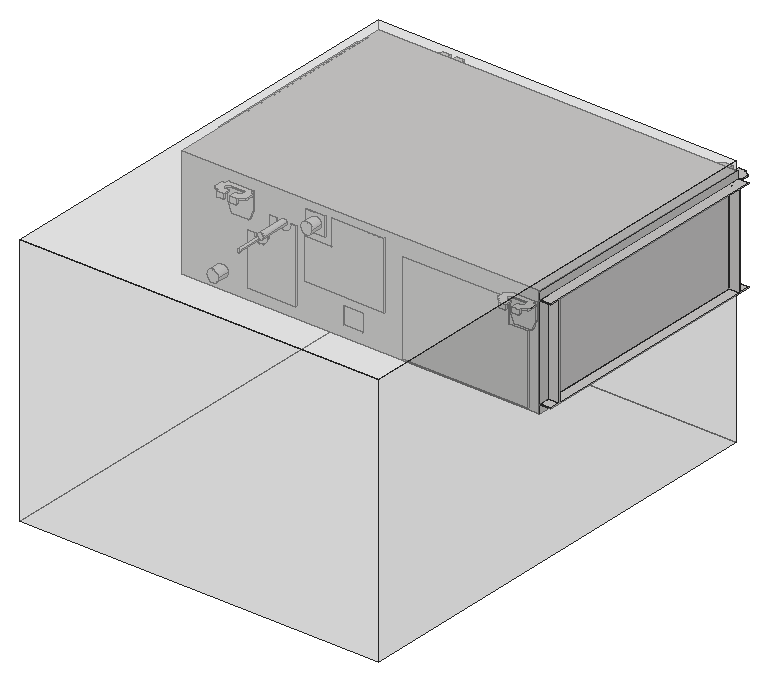
Revit family "outputfile", category 機械設備, Revit 2024
Family settings
  丸型コネクタ寸法 = 半径を使用
  パーツ タイプ = 標準
  OmniClass 番号 = 23.75.10.24.21.27.27
  OmniClass タイトル = Split System Air Conditioning Units
  作業面ベース = いいえ
  常に垂直 = はい
  ロード時にボイドで切り取り = いいえ
  注釈の向きを維持 = いいえ
  共有 = いいえ
  部屋計算ポイント = はい
Parameters (values of type "FXSA25AVMS")
  製造元 = "Daikin"
  書き出し IFC クラス(タイプ) = "IfcUnitaryEquipmentType"
  定義済み IFC タイプ(タイプ) = "AIRCONDITIONINGUNIT"
  モデル = "FXSA25AVMS"
  switch_frequency = yes
  r_Liquid Pipe Size = Liquid Pipe Size / 2  # 3.2 mm
  r_Gas Pipe Size = Gas Pipe Size / 2  # 6.35 mm
  r_Drain Pipe Size = Drain Pipe Size / 2  # 12.5 mm
  lw_power = 770.0 mm
  lh_SA = 138.0 mm
  lw_SA = if(Width = 550.0 mm, 225.0 mm, if(Width = 700.0 mm, 300.0 mm, if(Width = 1000.0 mm, 450.0 mm, if(Width = 1400.0 mm, 650.0 mm, 725.0 mm))))  # 225.0 mm
  lw_RA = if(Width = 550.0 mm, 275.0 mm, if(Width = 700.0 mm, 349.0 mm, if(Width = 1000.0 mm, 499.0 mm, if(Width = 1400.0 mm, 699.0 mm, 775.0 mm))))  # 275.0 mm
  lh_power = 60.0 mm + [h***]  # 60.0 mm
  lh_mountinghole1 = lh_mountinghole + [h***]  # 222.0 mm
  lh_RA = 123.0 mm
  ld_power = Width / 2  # 275.0 mm
  connector_voltage = Voltage_50Hz  # 220 V
  connector_powerinput = [Power Input (Cooling)]  # 0.058 kW
  connector_phase = Phase_50Hz  # 1
  Voltage_comment_50Hz = "220"
  Voltage_50Hz = 220 V
  Total Heating Capacity [instance] = 0.000 kW
  Supply Air Direction [instance] = yes
  Sound Power Level_H speed (dB) = 61
  Power Input (Heating) = 0.053 kW
  Phase_50Hz = 1
  Nominal Heating Capacity = 3.200 kW
  Minimum External Static Pressure = 30.00 Pa
  Minimum Circuit Amps_50Hz = 0.8 A
  Maximum Fuse Amps_50Hz = 16.0 A
  Maximum External Static Pressure = 150.00 Pa
  Material_Casing = DAIKIN_GalvanizedSteel_Casing_indoorunit
  lw_mountinghole = 630.0 mm
  lh_gaspipe = 183.0 mm + [h***]  # 183.0 mm
  lh_mountinghole = 222.0 mm
  lh_liquidpipe = 136.0 mm + [h***]  # 136.0 mm
  lh_drainpipe = 207.0 mm + [h***]  # 207.0 mm
  lh_antena = Height - lh_mountinghole + 1.0 mm  # 24.0 mm
  ld_drainpipe = Width / 2 + 26.0 mm  # 301.0 mm
  ld_liquidpipe = 339.0 mm
  ld_gaspipe = Width / 2 + 65.0 mm  # 340.0 mm
  ld_mountinghole = Width + 38.0 mm  # 588.0 mm
  h*** = 0.0 mm
  lw_liquidpipe = 179.0 mm
  lw_gaspipe = 229.0 mm
  lw_drainpipe = 300.0 mm
  Width = 550.0 mm
  Version = "ver.1.0"
  Unit Type = "Duct_M.S.P."
  Unit Mass Weight = 25.00 kg
  Unit Designation [instance] = ""
  Uniclass2015Version = "Products v1.30"
  Uniclass2015Title = "Variable refrigerant flow units"
  Uniclass2015Code = "Pr_70_65_03_94"
  Total Cooling Capacity [instance] = 0.000 kW
  Sound Pressure Level_M speed (dBA) = 30
  Sound Pressure Level_L speed (dBA) = 28
  Sound Pressure Level_H speed (dBA) = 33
  Series = "VRV Fan Coil Unit"
  Sensible Cooling Capacity [instance] = 0.000 kW
  SA Duct Size Width = 337.0 mm
  SA Duct Size Height = 176.0 mm
  Refrigerant Type = "R32"
  RA Duct Size Width = 502.0 mm
  RA Duct Size Height = 208.0 mm
  Power Input (Cooling) = 0.058 kW
  Option Accessory 3 [instance] = ""
  Option Accessory 2 [instance] = ""
  Option Accessory 1 [instance] = ""
  Nominal Cooling Capacity = 2.800 kW
  Minimum Airflow = 390.00 m³/h
  Median Airflow = 450.00 m³/h
  Maximum Airflow = 540.00 m³/h
  Load Classification = HVAC
  Liquid Pipe Size = 6.4 mm
  Link_Nested Family [instance] = ""
  IfcVersion = ""
  IfcExportType = "AIRCONDITIONINGUNIT"
  IfcExportAs = "IfcUnitaryEquipmentType"
  Height = 245.0 mm
  Heating Entering Wet Bulb Temperature [instance] = -273.15 °C
  Heating Entering Dry Bulb Temperature [instance] = -273.15 °C
  Heating Ambient Wet Bulb Temperature [instance] = -273.15 °C
  Heating Ambient Dry Bulb Temperature [instance] = -273.15 °C
  Heat Exchanger Type = "Cross Fin Coil"
  Gas Pipe Size = 12.7 mm
  Frequency_50Hz = 50 Hz
  Fan Type = "Sirocco Fan"
  Fan Drive = "Direct Drive"
  FCU Tag No. [instance] = ""
  Drain Pipe Size = 25.0 mm
  Design Supply Airflow [instance] = 0.00 m³/h
  Design Return Airflow [instance] = 0.00 m³/h
  Design External Static Pressure [instance] = 0.00 Pa
  Depth = 800.0 mm
  既定の高さ = 0.0 mm
  Cooling Entering Wet Bulb Temperature [instance] = 0.00 °C
  Cooling Entering Dry Bulb Temperature [instance] = 0.00 °C
  Cooling Ambient Wet Bulb Temperature [instance] = 0.00 °C
  Cooling Ambient Dry Bulb Temperature [instance] = 0.00 °C
  Clearance visibility [instance] = yes
  Clearance Top = 20.0 mm
  Clearance Right = 0.0 mm
  Clearance Rear = 0.0 mm
  Clearance Left = 0.0 mm
  Clearance Front = 450.0 mm
  Clearance Bottom = 300.0 mm
Reference planes
  plane 1 "Center (Front/Back)": y = 0
  plane 2 "h": z = 0
  plane 3 "Center (Left/Right)": x = 0
  plane 4 "Back": y = 275
  plane 5 "Front": y = -275
  plane 6 "Left": x = -400
  plane 7 "Right": x = 400
  plane 8 "Top": z = 0
  plane 9 "Bottom": z = -245
  plane 10: y = -215
  plane 11: y = 275
  plane 12: y = -725
  plane 13: x = -400
  plane 14: x = 400
  plane 15: z = 20
  plane 16: z = -545
  plane 17: x = -400
  plane 18: x = -399
  plane 19: x = 399
  plane 20: y = 50
  plane 21: y = 0
  plane 22: z = -122
  plane 23: y = -276
  plane 24: z = -109
  plane 25: x = -221
  plane 26: y = -340
  plane 27: z = -62
  plane 28: x = -171
  plane 29: y = -301
  plane 30: z = -38
  plane 31: x = -100
  plane 32: x = -100
  plane 33: x = -221
  plane 34: x = -171
  plane 35: x = 370
  plane 36: x = -266
  plane 37: x = 364
  plane 38: y = -294
  plane 39: y = 294
  plane 40: z = -23
  plane 41: z = -107
  plane 42: y = -339
  plane 43: z = -207
  plane 44: x = -309
  plane 45: y = -376
  plane 46: x = -251
  plane 47: x = -203
  plane 48: x = -144
  plane 49: z = -59
  plane 50: z = -106
  plane 51: z = -221
  plane 52: z = -109
  plane 53: x = -221
  plane 54: z = -62
  plane 55: x = -171
  plane 56: z = -17
  plane 57: z = -59
  plane 58: x = -121
  plane 59: x = -79
  plane 60: x = -125
  plane 61: x = -64
  plane 62: x = 53
  plane 63: z = -164
  plane 64: z = -73
  plane 65: z = -16
  plane 66: x = 93.5
  plane 67: x = 374.5
  plane 68: x = 330
  plane 69: z = -88.5
  plane 70: z = -38
  plane 71: z = -242.5
  plane 72: x = -38.5
  plane 73: x = 6.5
  plane 74: z = -181
  plane 75: z = -221
  plane 76: y = -274
  plane 77: x = -424
  plane 78: x = 424
Forms (mm)
  Extrusion 1, solid, material "DAIKIN_GalvanizedSteel_Casing_indoorunit" <- "Material_Casing"
    sketch origin (0, 0, 0) x (1, 0, 0) y (0, 1, 0)
      loop
        line (-399, 275) -> (-399, -275) -> (399, -275) -> (399, 275) -> (-399, 275)
    from -245 to 0
  Extrusion 2, solid, material "DAIKIN_GalvanizedSteel_Casing_indoorunit" <- "Material_Casing"
    sketch origin (0, 0, 0) x (1, 0, 0) y (0, 0, 1)
      loop
        line (-251, -221) -> (-144, -221) -> (-144, -59) -> (-154.47, -59)
        arc (-154.47, -59) -> (-171, -78.8) -> (-187.53, -59) r 16.8
        line (-187.53, -59) -> (-203, -59) -> (-203, -106) -> (-206.916, -106)
        arc (-206.916, -106) -> (-221, -123.4) -> (-235.084, -106) r 14.4
        line (-235.084, -106) -> (-251, -106) -> (-251, -221)
    from 275 to 276
  Extrusion 3, solid, material "DAIKIN_GalvanizedSteel_Casing_indoorunit" <- "Material_Casing"
    sketch origin (0, 0, 0) x (1, 0, 0) y (0, 0, 1)
      loop
        line (-121, -17) -> (-121, -59) -> (-79, -59) -> (-79, -17) -> (-121, -17)
      loop
        line (-125, -73) -> (-125, -164) -> (53, -164) -> (53, -16) -> (-64, -16) -> (-64, -73) -> (-125, -73)
    from 275 to 276
  Extrusion 4, solid, material "DAIKIN_GalvanizedSteel_Casing_indoorunit" <- "Material_Casing"
    sketch origin (0, 0, 0) x (1, 0, 0) y (0, 0, 1)
      loop
        line (93.5, -38) -> (93.5, -242.5) -> (374.5, -242.5) -> (374.5, -88.5) -> (330, -88.5) -> (330, -38) -> (93.5, -38)
    from 275 to 276
  Extrusion 5, solid, material "DAIKIN_GalvanizedSteel_Casing_indoorunit" <- "Material_Casing"
    sketch origin (0, 0, 0) x (1, 0, 0) y (0, 0, 1)
      loop
        circle (-221, -109) r 3.2
    from 275 to 339
  Extrusion 6, solid, material "DAIKIN_GalvanizedSteel_Casing_indoorunit" <- "Material_Casing"
    sketch origin (0, 0, 0) x (1, 0, 0) y (0, 0, 1)
      loop
        circle (-171, -62) r 6.35
    from 275 to 340
  Extrusion 7, solid, material "DAIKIN_GalvanizedSteel_Casing_indoorunit" <- "Material_Casing"
    sketch origin (0, 0, 0) x (1, 0, 0) y (0, 0, 1)
      loop
        circle (-100, -38) r 12.5
    from 276 to 301
  Extrusion 8, solid, material "DAIKIN_GalvanizedSteel_Casing_indoorunit" <- "Material_Casing"
    sketch origin (0, 0, 0) x (1, 0, 0) y (0, 0, 1)
      loop
        circle (-309, -207) r 13
    from 275 to 301
  Extrusion 9, void
    sketch origin (0, 0, 0) x (1, 0, 0) y (0, 0, 1)
      loop
        line (-38.5, -181) -> (-38.5, -221) -> (6.5, -221) -> (6.5, -181) -> (-38.5, -181)
    from 274 to 275
Cuts and joins
  Extrusion 9 cuts Extrusion 1
Dimensions and locks
  "Height": plane 8 "Top" to plane 9 "Bottom"
  equal spacing: plane 4 "Back", plane 1 "Center (Front/Back)", plane 5 "Front"
  "Width": plane 4 "Back" to plane 5 "Front"
  equal spacing: plane 6 "Left", plane 3 "Center (Left/Right)", plane 7 "Right"
  "Depth": plane 6 "Left" to plane 7 "Right"
  "Clearance Left": plane 13 to plane 6 "Left"
  "Clearance Right": plane 7 "Right" to plane 14
  "Clearance Rear": plane 11 to plane 4 "Back"
  "Clearance Front": plane 5 "Front" to plane 12
  "Clearance Top": plane 15 to plane 8 "Top"
  "Clearance Bottom": plane 9 "Bottom" to plane 16
  locked: plane 17 to plane 18 at 1
  locked: plane 19 to plane 14 at 1
  "lw_SA": plane 11 to plane 20
  "lw_RA": plane 21 to plane 5 "Front"
  "lh_RA": plane 22 to plane 9 "Bottom"
  locked: plane 5 "Front" to plane 23 at 1
  "lw_liquidpipe": plane 25 to plane 6 "Left"
  "lh_liquidpipe": plane 24 to plane 9 "Bottom"
  "lh_gaspipe": plane 27 to plane 9 "Bottom"
  "lw_gaspipe": plane 28 to plane 6 "Left"
  "ld_gaspipe": plane 26 to plane 1 "Center (Front/Back)"
  "ld_drainpipe": plane 29 to plane 1 "Center (Front/Back)"
  "lh_drainpipe": plane 30 to plane 9 "Bottom"
  "lw_drainpipe": plane 31 to plane 6 "Left"
  "lw_drainpipe": plane 6 "Left" to plane 32
  "lw_liquidpipe": plane 6 "Left" to plane 33
  "lw_gaspipe": plane 6 "Left" to plane 34
  "lw_power": plane 6 "Left" to plane 35
  locked: plane 17 to plane 36 at 134
  "lw_mountinghole": plane 36 to plane 37
  equal spacing: plane 38, plane 1 "Center (Front/Back)", plane 39
  "ld_mountinghole": plane 39 to plane 38
  "lh_mountinghole": plane 40 to plane 9 "Bottom"
  "lh_SA": plane 41 to plane 9 "Bottom"
  locked: plane 44 to plane 6 "Left" at 91
  locked: plane 43 to plane 9 "Bottom" at 38
  plane 48 to plane 47 to plane 46 to plane 6 "Left" = 59.0 mm, 48.0 mm, 149.0 mm
  plane 8 "Top" to plane 49 to plane 50 to plane 51 = 59.0 mm locked, 47.0 mm locked, 115.0 mm locked
  plane 55 to plane 53 to plane 6 "Left" = 50.0 mm locked, 179.0 mm locked
  plane 54 to plane 52 to plane 9 "Bottom" = 47.0 mm locked, 136.0 mm locked
  plane 59 to plane 58 to plane 6 "Left" = 42.0 mm locked, 279.0 mm locked
  plane 8 "Top" to plane 56 to plane 57 = 17.0 mm locked, 42.0 mm locked
  plane 62 to plane 61 to plane 60 to plane 6 "Left" = 117.0 mm, 61.0 mm, 275.0 mm
  plane 8 "Top" to plane 65 to plane 64 = 16.0 mm locked, 57.0 mm locked
  locked: plane 65 to plane 63 at 148
  plane 8 "Top" to plane 70 to plane 69 to plane 71 = 38.0 mm locked, 50.5 mm locked, 154.0 mm locked
  plane 67 to plane 68 to plane 66 to plane 6 "Left" = 44.5 mm locked, 236.5 mm locked, 493.5 mm locked
  plane 8 "Top" to plane 74 to plane 75 = 181.0 mm locked, 40.0 mm locked
  plane 73 to plane 72 to plane 6 "Left" = 45.0 mm, 361.5 mm
  locked: plane 76 to plane 5 "Front" at 1
  locked: plane 77 to plane 17 at 24
  locked: plane 14 to plane 78 at 24
  "ld_liquidpipe": plane 42 to plane 1 "Center (Front/Back)"
  "r_Liquid Pipe Size": radius of Extrusion 5 sketch curve
  "r_Gas Pipe Size": radius of Extrusion 6 sketch curve
  "r_Drain Pipe Size": radius of Extrusion 7 sketch curve
  aligned and locked: level to plane 2 "h"
  aligned and locked: plane 8 "Top" to Extrusion 1
  aligned and locked: Extrusion 1 to plane 9 "Bottom"
  aligned and locked: nested 5 to plane 12
  aligned and locked: plane 13 to nested 5
  aligned and locked: plane 14 to nested 5
  aligned and locked: nested 5 to plane 13
  aligned and locked: plane 11 to nested 5
  aligned and locked: plane 15 to nested 5
  aligned and locked: plane 16 to nested 5
  aligned and locked: plane 5 "Front" to Extrusion 1 sketch curve
  aligned and locked: Extrusion 1 to plane 18
  aligned and locked: plane 19 to Extrusion 1
  aligned and locked: nested 7 to plane 18
  aligned and locked: nested 7 to plane 20
  aligned and locked: plane 19 to nested 8
  aligned and locked: plane 21 to nested 8
  aligned and locked: plane 22 to nested 8
  aligned and locked: Extrusion 2 to plane 23
  aligned and locked: plane 5 "Front" to Extrusion 2
  aligned and locked: Extrusion 3 to plane 23
  aligned and locked: plane 5 "Front" to Extrusion 3
  aligned and locked: plane 5 "Front" to Extrusion 4
  aligned and locked: Extrusion 5 sketch curve to plane 25
  aligned and locked: plane 24 to Extrusion 5 sketch curve
  aligned and locked: plane 5 "Front" to Extrusion 5
  aligned and locked: Extrusion 6 sketch curve to plane 28
  aligned and locked: plane 27 to Extrusion 6 sketch curve
  aligned and locked: plane 5 "Front" to Extrusion 6
  aligned and locked: Extrusion 7 sketch curve to plane 31
  aligned and locked: Extrusion 7 sketch curve to plane 30
  aligned and locked: Extrusion 7 to plane 29
  aligned and locked: plane 23 to Extrusion 7
  aligned and locked: nested 3 to plane 29
  aligned and locked: plane 32 to nested 3
  aligned and locked: nested 2 to plane 33
  aligned and locked: nested 1 to plane 34
  aligned and locked: Extrusion 6 to plane 26
  aligned and locked: nested 1 to plane 26
  aligned and locked: nested 6 to plane 5 "Front"
  aligned and locked: plane 35 to nested 6
  aligned and locked: plane 36 to nested 10
  aligned and locked: nested 10 to plane 5 "Front"
  aligned and locked: plane 37 to nested 9
  aligned and locked: nested 9 to plane 5 "Front"
  aligned and locked: nested 11 to plane 36
  aligned and locked: plane 4 "Back" to nested 11
  aligned and locked: nested 12 to plane 37
  aligned and locked: plane 4 "Back" to nested 12
  aligned and locked: plane 40 to nested 10
  aligned and locked: plane 40 to nested 11
  aligned and locked: plane 40 to nested 9
  aligned and locked: plane 40 to nested 12
  aligned and locked: plane 36 to nested 14
  aligned and locked: nested 14 to plane 39
  aligned and locked: plane 37 to nested 13
  aligned and locked: nested 13 to plane 39
  aligned and locked: plane 37 to nested 16
  aligned and locked: plane 38 to nested 16
  aligned and locked: plane 38 to nested 15
  aligned and locked: plane 36 to nested 15
  aligned and locked: plane 17 to plane 6 "Left"
  aligned and locked: plane 41 to nested 7
  aligned and locked: Extrusion 5 to plane 42
  aligned and locked: nested 2 to plane 42
  aligned and locked: Extrusion 8 sketch curve to plane 44
  aligned and locked: plane 43 to Extrusion 8 sketch curve
  aligned and locked: plane 5 "Front" to Extrusion 8
  aligned and locked: Extrusion 3 sketch curve to plane 56
  aligned and locked: Extrusion 3 sketch curve to plane 58
  aligned and locked: plane 57 to Extrusion 3 sketch curve
  aligned and locked: plane 59 to Extrusion 3 sketch curve
  aligned and locked: Extrusion 4 to plane 23
  aligned and locked: Extrusion 9 sketch curve to plane 74
  aligned and locked: plane 75 to Extrusion 9 sketch curve
  aligned and locked: plane 73 to Extrusion 9 sketch curve
  aligned and locked: plane 5 "Front" to Extrusion 9
  aligned and locked: plane 76 to Extrusion 9
  aligned and locked: nested 17 to plane 20
  aligned and locked: nested 17 to plane 77
  aligned and locked: plane 21 to nested 18
  aligned and locked: plane 78 to nested 18
  aligned and locked: plane 41 to nested 17
  aligned and locked: nested 18 to plane 22
  aligned and locked: nested 4 to plane 3 "Center (Left/Right)"
  aligned and locked: plane 1 "Center (Front/Back)" to nested 4
  aligned and locked: level to plane 8 "Top"
  aligned and locked: Extrusion 8 to plane 29
Automatic sketch dimensions
  plane 6 "Left" to Extrusion 1 sketch curve = 1.0 mm
  Extrusion 1 sketch curve to plane 7 "Right" = 1.0 mm
  Extrusion 1 sketch curve to plane 4 "Back" = 0.0 mm
  Extrusion 2 sketch curve to plane 46 = 0.0 mm
  Extrusion 2 sketch curve to plane 33 = 0.0 mm
  Extrusion 2 sketch curve to plane 47 = 0.0 mm
  Extrusion 2 sketch curve to plane 34 = 0.0 mm
  Extrusion 2 sketch curve to plane 48 = 0.0 mm
  Extrusion 2 sketch curve to plane 51 = 0.0 mm
  Extrusion 2 sketch curve to plane 52 = 0.0 mm
  Extrusion 2 sketch curve to plane 50 = 0.0 mm  (x3)
  Extrusion 2 sketch curve to plane 54 = 0.0 mm
  Extrusion 2 sketch curve to plane 49 = 0.0 mm  (x3)
  plane 33 to Extrusion 2 sketch curve = 14.084 mm
  plane 34 to Extrusion 2 sketch curve = 16.53 mm
  Extrusion 3 sketch curve to plane 60 = 0.0 mm
  Extrusion 3 sketch curve to plane 61 = 0.0 mm
  Extrusion 3 sketch curve to plane 62 = 0.0 mm
  Extrusion 3 sketch curve to plane 63 = 0.0 mm
  Extrusion 3 sketch curve to plane 64 = 0.0 mm
  Extrusion 3 sketch curve to plane 65 = 0.0 mm
  Extrusion 4 sketch curve to plane 66 = 0.0 mm
  Extrusion 4 sketch curve to plane 68 = 0.0 mm
  Extrusion 4 sketch curve to plane 67 = 0.0 mm
  Extrusion 4 sketch curve to plane 71 = 0.0 mm
  Extrusion 4 sketch curve to plane 69 = 0.0 mm
  Extrusion 4 sketch curve to plane 70 = 0.0 mm
  Extrusion 9 sketch curve to plane 72 = 0.0 mm
  radius of Extrusion 8 sketch curve = 13.0 mm
Nested families
  nested 1: "daikin_connector_rotate2" at (-171, 0, -62), length <- "ld_gaspipe", built-in parameter 1001364 <- "lh_gaspipe", radius <- "r_Gas Pipe Size", type "daikin_connector_rotate2"
    with radius 6.35 mm, length 340.0 mm, angle_vertical 90.00°
  nested 2: "daikin_connector_rotate2" at (-221, 0, -109), length <- "ld_liquidpipe", built-in parameter 1001364 <- "lh_liquidpipe", radius <- "r_Liquid Pipe Size", type "daikin_connector_rotate2"
    with radius 3.2 mm, length 339.0 mm, angle_vertical 90.00°
  nested 3: "daikin_connector_rotate2" at (-100, 0, -38), length <- "ld_drainpipe", built-in parameter 1001364 <- "lh_drainpipe", radius <- "r_Drain Pipe Size", type "daikin_connector_rotate2"
    with radius 12.5 mm, length 301.0 mm, angle_vertical 90.00°
  nested 4: "daikin_△_symbolicline" at (0, 0, 245) x (0, -1, 0) z (0, 0, 1), built-in parameter 1001364 <- "Height", visible <- "Supply Air Direction", type "daikin_△_symbolicline"
    with length 200.0 mm
  nested 5: "daikin_clearancespace" at (0, -225, -262.381), visible <- "Clearance visibility", show <- "Clearance visibility", Link_Nested Family <- "Link_Nested Family", type "daikin_clearancespace"
    with width 800.0 mm, show yes, height 565.0 mm, depth 1000.0 mm, Link_Nested Family ""
  nested 6: "daikin_connector_rotate2" at (370, 0, -185), built-in parameter 1001364 <- "lh_power", length <- "ld_power", type "daikin_connector_rotate2"
    with radius 10.0 mm, length 275.0 mm, angle_vertical 90.00°
  nested 7: "daikin_ductflange_FXSA-AVMS2" at (-399, 50, -107) x (0, -1, 0) z (0, 0, 1), type "daikin_ductflange_FXSA-AVMS2"
    with width 337.0 mm, w1 24.0 mm, w 550.0 mm
  nested 8: "daikin_ductflange_FXSA-AVMS" at (399, 0, -122) x (0, 1, 0) z (0, 0, 1), type "daikin_ductflange_FXSA-AVMS"
    with width 502.0 mm, lw 25.0 mm, w 550.0 mm
  nested 9: "FXFSA-AVM" at (364, -275, -23), type "daikin_hangerfixture_FXFSA-AVM"
  nested 10: "FXFSA-AVM" at (-266, -275, -23), type "daikin_hangerfixture_FXFSA-AVM"
  nested 11: "FXFSA-AVM" at (-266, 275, -23) x (-1, 0, 0) z (0, 0, 1), type "daikin_hangerfixture_FXFSA-AVM"
  nested 12: "FXFSA-AVM" at (364, 275, -23) x (-1, 0, 0) z (0, 0, 1), type "daikin_hangerfixture_FXFSA-AVM"
  nested 13: "daikin_mountinghole" at (364, 294, -245), h_mountinghole <- "lh_mountinghole1", l_antenna <- "lh_antena", Link_Nested Family <- "Link_Nested Family", type "daikin_mountinghole"
    with show yes, l_antenna 24.0 mm, h_mountinghole 222.0 mm, Link_Nested Family ""
  nested 14: "daikin_mountinghole" at (-266, 294, -245), h_mountinghole <- "lh_mountinghole1", l_antenna <- "lh_antena", Link_Nested Family <- "Link_Nested Family", type "daikin_mountinghole"
    with show yes, l_antenna 24.0 mm, h_mountinghole 222.0 mm, Link_Nested Family ""
  nested 15: "daikin_mountinghole" at (-266, -294, -245), h_mountinghole <- "lh_mountinghole1", l_antenna <- "lh_antena", Link_Nested Family <- "Link_Nested Family", type "daikin_mountinghole"
    with show yes, l_antenna 24.0 mm, h_mountinghole 222.0 mm, Link_Nested Family ""
  nested 16: "daikin_mountinghole" at (364, -294, -245), h_mountinghole <- "lh_mountinghole1", l_antenna <- "lh_antena", Link_Nested Family <- "Link_Nested Family", type "daikin_mountinghole"
    with show yes, l_antenna 24.0 mm, h_mountinghole 222.0 mm, Link_Nested Family ""
  nested 17: "daikin_connector_rotate2" at (-400, 50, -107) x (0, -1, 0) z (0, 0, 1), type "daikin_connector_rotate2"
    with radius 10.0 mm, length 24.0 mm, angle_vertical 90.00°
  nested 18: "daikin_connector_rotate2" at (400, 0, -122) x (0, 1, 0) z (0, 0, 1), type "daikin_connector_rotate2"
    with radius 10.0 mm, length 24.0 mm, angle_vertical 90.00°
Connectors
  piping at (-100, -301, -38), diameter 25, driven by "r_Drain Pipe Size"
    settings: on nested 3, index 3, connector inside diameter 609.6 mm, connector length 0.0 mm, flow factor 0, pipe flow 0.00 m³/h, pressure drop 0.0 Pa, fitting loss kfactor 0, connector angle 0.00°, fixture units 0, engagement length 0.0 mm, angle of deflection 0.00°, flow configuration 1, flow direction 2, fitting loss method 4, system type 16, joint type 0, gender type 0, connector reference index -1, connector utility 0, adjustable connector no, is connector primary yes, connector description "Condensate Drain Piping"
  piping at (-171, -340, -62), diameter 12.7, driven by "r_Gas Pipe Size"
    settings: on nested 1, index 4, connector inside diameter 609.6 mm, connector length 0.0 mm, flow factor 0, pipe flow 0.00 m³/h, pressure drop 0.0 Pa, fitting loss kfactor 0, connector angle 0.00°, fixture units 0, engagement length 0.0 mm, angle of deflection 0.00°, flow configuration 1, flow direction 2, fitting loss method 0, system type 29, joint type 0, gender type 0, connector reference index -1, connector utility 0, adjustable connector no, is connector primary no, connector description "Refrigerant Gas Piping"
  piping at (-221, -339, -109), diameter 6.4, driven by "r_Liquid Pipe Size"
    settings: on nested 2, index 5, connector inside diameter 609.6 mm, connector length 0.0 mm, flow factor 0, pipe flow 0.00 m³/h, pressure drop 0.0 Pa, fitting loss kfactor 0, connector angle 0.00°, fixture units 0, engagement length 0.0 mm, angle of deflection 0.00°, flow configuration 1, flow direction 1, fitting loss method 0, system type 29, joint type 0, gender type 0, connector reference index -1, connector utility 0, adjustable connector no, is connector primary no, connector description "Refrigerant Liquid Piping"
  electrical at (370, -275, -185), driven by "Load Classification", driven by "connector_voltage", driven by "connector_phase", driven by "connector_powerinput"
    settings: on nested 6, index 6, voltage 220 V, apparent load 58 VA, apparent load phase1 0 VA, apparent load phase2 0 VA, apparent load phase3 0 VA, power factor 1, load classification "HVAC", number of poles 1, system type 30, power factor state 1, is connector primary yes, connector utility no, sub classification motor no, connector description "Power Supply"
  hvac at (-424, 50, -107), driven by "SA Duct Size Height", driven by "SA Duct Size Width"
    settings: on nested 17, index 7, duct flow 0.00 m³/h, flow factor 0, pres drop 0.00 Pa, loss coef 0, conn angle 0.00°, conn width 337.0 mm, conn height 176.0 mm, conn diameter 609.6 mm, duct sys type 1, conn prof type 1, flow config 0, flow direction 2, loss method 4, conn ref index -1, conn util no, is conn primary yes, conn desc "SA Duct"
  hvac at (424, 0, -122), driven by "RA Duct Size Height", driven by "RA Duct Size Width"
    settings: on nested 18, index 8, duct flow 0.00 m³/h, flow factor 0, pres drop 0.00 Pa, loss coef 0, conn angle 0.00°, conn width 502.0 mm, conn height 208.0 mm, conn diameter 609.6 mm, duct sys type 2, conn prof type 1, flow config 0, flow direction 1, loss method 4, conn ref index -1, conn util no, is conn primary no, conn desc "RA Duct"
Definition of nested family "daikin_clearancespace"
  Parameters (values of type "daikin_clearancespace")
    Description = "daikin_clearancespace"
    width [instance] = 1823.963 mm
    show [instance] = yes
    material = none
    height [instance] = 1359.762 mm
    depth [instance] = 880.0 mm
    Default Elevation = 0.0 mm
    Link_Nested Family [instance] = ""
  Reference planes
    plane 1 "Center (Front/Back)": y = 0
    plane 2 "Center (Elevation)": z = -0.119
    plane 3 "Center (Left/Right)": x = 0
    plane 4: y = 440
    plane 5: y = -440
    plane 6 "Right": x = 911.982
    plane 7 "Left": x = -911.982
    plane 8 "Top": z = 679.762
    plane 9 "Bottom": z = -680
  Forms (mm)
    Extrusion 1, solid, material <- "material", visible <- "show"
      sketch origin (0, 0, 0) x (1, 0, 0) y (0, 1, 0)
        loop
          line (-911.982, 440) -> (-911.982, -440) -> (911.982, -440) -> (911.982, 440) -> (-911.982, 440)
      from -680 to 679.762
  Lines and regions (mm)
    symbolic lines, visible <- "show"
      curve 1: line (911.982, 440, 0) -> (-911.982, 440, 0)
      curve 2: line (-911.982, 440, 0) -> (-911.982, -440, 0)
      curve 3: line (-911.982, -440, 0) -> (911.982, -440, 0)
      curve 4: line (911.982, -440, 0) -> (911.982, 440, 0)
      curve 5: line (911.982, 0, 679.762) -> (-911.982, 0, 679.762)
      curve 6: line (911.982, 0, -680) -> (911.982, 0, 679.762)
      curve 7: line (-911.982, 0, -680) -> (911.982, 0, -680)
      curve 8: line (-911.982, 0, 679.762) -> (-911.982, 0, -680)
      curve 9: line (0, 440, 679.762) -> (0, -440, 679.762)
      curve 10: line (0, -440, 679.762) -> (0, -440, -680)
      curve 11: line (0, 440, -680) -> (0, 440, 679.762)
      curve 12: line (0, -440, -680) -> (0, 440, -680)
  Dimensions and locks
    "width": plane 7 "Left" to plane 6 "Right"
    "depth": plane 4 to plane 5
    "height": plane 8 "Top" to plane 9 "Bottom"
    equal spacing: plane 7 "Left", plane 3 "Center (Left/Right)", plane 6 "Right"
    equal spacing: plane 4, plane 1 "Center (Front/Back)", plane 5
    equal spacing: plane 8 "Top", plane 2 "Center (Elevation)", plane 9 "Bottom"
    aligned and locked: level to plane 2 "Center (Elevation)"
    aligned and locked: Extrusion 1 sketch curve to plane 4
    aligned and locked: plane 7 "Left" to Extrusion 1 sketch curve
    aligned and locked: Extrusion 1 sketch curve to plane 5
    aligned and locked: Extrusion 1 sketch curve to plane 6 "Right"
    aligned and locked: plane 8 "Top" to Extrusion 1
    aligned and locked: curve 1 to Extrusion 1
    aligned and locked: curve 2 to Extrusion 1
    aligned and locked: curve 3 to Extrusion 1
    aligned and locked: curve 4 to Extrusion 1
    aligned and locked: curve 5 to Extrusion 1
    aligned and locked: curve 6 to Extrusion 1
    aligned and locked: curve 7 to Extrusion 1
    aligned and locked: curve 8 to Extrusion 1
    aligned and locked: curve 9 to Extrusion 1
    aligned and locked: curve 10 to Extrusion 1
    aligned and locked: curve 11 to Extrusion 1
    aligned and locked: curve 12 to Extrusion 1
    aligned and locked: Extrusion 1 to plane 9 "Bottom"
Definition of nested family "daikin_ductflange_FXSA-AVMS2"
  Parameters (values of type "daikin_ductflange_FBA-BVMA2")
    width = if(w = 550.0 mm, 337.0 mm, if(w = 700.0 mm, 492.0 mm, if(w = 1000.0 mm, 792.0 mm, if(w = 1400.0 mm, 1192.0 mm, 1337.0 mm))))  # 492.0 mm
    w1 = if(w = 550.0 mm, 24.0 mm, if(w = 700.0 mm, 21.5 mm, if(w = 1000.0 mm, 21.5 mm, if(w = 1400.0 mm, 21.5 mm, 24.0 mm))))  # 21.5 mm
    material = none
    height = 215.0 mm
    depth = 1.0 mm
    w = 700.0 mm
    Default Elevation = 0.0 mm
  Reference planes
    plane 1 "Center (Front/Back)": y = 0
    plane 2: z = 0
    plane 3 "Center (Left/Right)": x = 0
    plane 4: z = 88
    plane 5: z = -88
    plane 6: y = -25
    plane 7: z = 106
    plane 8: z = 89
    plane 9: y = -1
    plane 10: x = -267.5
    plane 11: x = 267.5
    plane 12: z = -106
    plane 13: z = -89
    plane 14: y = -1
    plane 15: x = 246
    plane 16: x = -246
    plane 17: x = 247
    plane 18: z = 87
    plane 19: z = -87
    plane 20: x = -247
    plane 21: z = 87
    plane 22: z = -87
    plane 23: y = -1
  Forms (mm)
    Extrusion 1, solid, material <- "material"
      sketch origin (0, 0, 0) x (0, 1, 0) y (0, 0, 1)
        loop
          line (-25, 88) -> (0, 88) -> (0, 106) -> (-1, 106) -> (-1, 89) -> (-25, 89) -> (-25, 88)
      from -267.5 to 267.5
    Extrusion 2, solid, material <- "material"
      sketch origin (0, 0, 0) x (0, 1, 0) y (0, 0, 1)
        loop
          line (-25, -88) -> (-25, -89) -> (-1, -89) -> (-1, -106) -> (0, -106) -> (0, -88) -> (-25, -88)
      from -267.5 to 267.5
    Extrusion 3, solid, material <- "material"
      sketch origin (0, 0, 0) x (1, 0, 0) y (0, 0, 1)
        loop
          line (246, 88) -> (246, -88) -> (267.5, -88) -> (267.5, -87) -> (247, -87) -> (247, 87) -> (267.5, 87) -> (267.5, 88) -> (246, 88)
      from 0 to 25
    Extrusion 4, solid, material <- "material"
      sketch origin (0, 0, 0) x (1, 0, 0) y (0, 0, 1)
        loop
          line (-267.5, 88) -> (-267.5, 87) -> (-247, 87) -> (-247, -87) -> (-267.5, -87) -> (-267.5, -88) -> (-246, -88) -> (-246, 88) -> (-267.5, 88)
      from 0 to 25
    Extrusion 5, solid, material <- "material"
      sketch origin (0, 0, 0) x (1, 0, 0) y (0, 0, 1)
        loop
          line (-267.5, 88) -> (-267.5, -88) -> (-246, -88) -> (-246, 88) -> (-267.5, 88)
        loop
          line (267.5, 88) -> (246, 88) -> (246, -88) -> (267.5, -88) -> (267.5, 88)
      from 0 to 1
  Cuts and joins
    joined: Extrusion 1, Extrusion 2, Extrusion 3, Extrusion 4, Extrusion 5
  Dimensions and locks
    plane 4 to level to plane 5 = 88.0 mm, 88.0 mm
    locked: plane 6 to plane 1 "Center (Front/Back)" at 25
    locked: plane 9 to plane 1 "Center (Front/Back)" at 1
    locked: plane 8 to plane 4 at 1
    "w1": plane 16 to plane 10
    locked: plane 17 to plane 15 at 1
    locked: plane 4 to plane 18 at 1
    locked: plane 19 to plane 5 at 1
    "width": plane 15 to plane 16
    plane 4 to plane 5 = 176.0 mm
    locked: plane 16 to plane 20 at 1
    locked: plane 4 to plane 21 at 1
    locked: plane 22 to plane 5 at 1
    locked: plane 23 to plane 1 "Center (Front/Back)" at 1
    plane 4 to level to plane 5 = 88.0 mm locked, 88.0 mm locked
    locked: plane 5 to plane 13 at 1
    locked: plane 5 to plane 12 at 18
    locked: plane 7 to plane 4 at 18
    equal spacing: plane 15, plane 3 "Center (Left/Right)", plane 16
    "w1": plane 11 to plane 15
    plane 11 to plane 10 = 535.0 mm
    aligned and locked: level to plane 2
    aligned and locked: Extrusion 1 to plane 10
    aligned and locked: plane 11 to Extrusion 1
    aligned and locked: plane 5 to Extrusion 2
    aligned and locked: Extrusion 2 to plane 1 "Center (Front/Back)"
    aligned and locked: plane 15 to Extrusion 3 sketch curve
    aligned and locked: Extrusion 3 sketch curve to Extrusion 2  (x2)
    aligned and locked: Extrusion 3 sketch curve to plane 11
    aligned and locked: plane 6 to Extrusion 3
    aligned and locked: Extrusion 2 to plane 10
    aligned and locked: plane 11 to Extrusion 2
    aligned and locked: Extrusion 4 sketch curve to Extrusion 1  (x2)
    aligned and locked: plane 5 to Extrusion 4 sketch curve
    aligned and locked: Extrusion 4 sketch curve to plane 16
    aligned and locked: Extrusion 4 sketch curve to plane 22
    aligned and locked: plane 20 to Extrusion 4 sketch curve
    aligned and locked: plane 21 to Extrusion 4 sketch curve
    aligned and locked: Extrusion 4 to plane 1 "Center (Front/Back)"
    aligned and locked: plane 6 to Extrusion 4
    aligned and locked: Extrusion 5 sketch curve to Extrusion 1  (x4)
    aligned and locked: Extrusion 5 sketch curve to Extrusion 4  (x2)
    aligned and locked: Extrusion 5 sketch curve to Extrusion 3  (x2)
    aligned and locked: Extrusion 5 to plane 1 "Center (Front/Back)"
    aligned and locked: plane 23 to Extrusion 5
  Automatic sketch dimensions
    Extrusion 1 sketch curve to plane 6 = 0.0 mm
    Extrusion 1 sketch curve to plane 7 = 0.0 mm
    Extrusion 1 sketch curve to plane 9 = 0.0 mm
    Extrusion 1 sketch curve to plane 1 "Center (Front/Back)" = 0.0 mm
    Extrusion 1 sketch curve to plane 4 = 0.0 mm
    Extrusion 1 sketch curve to plane 8 = 0.0 mm
    Extrusion 2 sketch curve to plane 6 = 0.0 mm
    plane 12 to Extrusion 2 sketch curve = 0.0 mm
    Extrusion 2 sketch curve to plane 14 = 0.0 mm
    Extrusion 2 sketch curve to plane 1 "Center (Front/Back)" = 0.0 mm
    plane 13 to Extrusion 2 sketch curve = 0.0 mm
    Extrusion 2 sketch curve to plane 5 = 0.0 mm
    Extrusion 3 sketch curve to plane 17 = 0.0 mm
    Extrusion 3 sketch curve to plane 19 = 0.0 mm
    Extrusion 3 sketch curve to plane 18 = 0.0 mm
    Extrusion 3 sketch curve to plane 4 = 0.0 mm
    Extrusion 4 sketch curve to plane 10 = 0.0 mm
Definition of nested family "daikin_ductflange_FXSA-AVMS"
  Parameters (values of type "daikin_ductflange_FBFC-DVMG")
    width = if(w = 550.0 mm, 502.0 mm, if(w = 700.0 mm, 654.0 mm, if(w = 1000.0 mm, 952.0 mm, if(w = 1400.0 mm, 1352.0 mm, 1502.0 mm))))  # 654.0 mm
    material = none
    lw = if(width = 654.0 mm, 23.0 mm, 25.0 mm)  # 23.0 mm
    height = 208.0 mm
    depth = 1.0 mm
    w = 700.0 mm
    Default Elevation = 0.0 mm
  Reference planes
    plane 1 "Center (Front/Back)": y = 0
    plane 2: z = 0
    plane 3 "Center (Left/Right)": x = 0
    plane 4: z = 104
    plane 5: z = -104
    plane 6: y = -25
    plane 7: z = 121
    plane 8: z = 105
    plane 9: y = -1
    plane 10: x = -350
    plane 11: x = 350
    plane 12: z = -122
    plane 13: z = -105
    plane 14: y = -1
    plane 15: x = 327
    plane 16: x = -327
    plane 17: x = 328
    plane 18: z = 103
    plane 19: z = -103
    plane 20: x = -328
    plane 21: z = 103
    plane 22: z = -103
    plane 23: y = -1
  Forms (mm)
    Extrusion 1, solid, material <- "material"
      sketch origin (0, 0, 0) x (0, 1, 0) y (0, 0, 1)
        loop
          line (-25, 104) -> (0, 104) -> (0, 121) -> (-1, 121) -> (-1, 105) -> (-25, 105) -> (-25, 104)
      from -350 to 350
    Extrusion 2, solid, material <- "material"
      sketch origin (0, 0, 0) x (0, 1, 0) y (0, 0, 1)
        loop
          line (-25, -104) -> (-25, -105) -> (-1, -105) -> (-1, -122) -> (0, -122) -> (0, -104) -> (-25, -104)
      from -350 to 350
    Extrusion 3, solid, material <- "material"
      sketch origin (0, 0, 0) x (1, 0, 0) y (0, 0, 1)
        loop
          line (327, 104) -> (327, -104) -> (350, -104) -> (350, -103) -> (328, -103) -> (328, 103) -> (350, 103) -> (350, 104) -> (327, 104)
      from 0 to 25
    Extrusion 4, solid, material <- "material"
      sketch origin (0, 0, 0) x (1, 0, 0) y (0, 0, 1)
        loop
          line (-350, 104) -> (-350, 103) -> (-328, 103) -> (-328, -103) -> (-350, -103) -> (-350, -104) -> (-327, -104) -> (-327, 104) -> (-350, 104)
      from 0 to 25
    Extrusion 5, solid, material <- "material"
      sketch origin (0, 0, 0) x (1, 0, 0) y (0, 0, 1)
        loop
          line (-350, 104) -> (-350, -104) -> (-327, -104) -> (-327, 104) -> (-350, 104)
        loop
          line (350, 104) -> (327, 104) -> (327, -104) -> (350, -104) -> (350, 104)
      from 0 to 1
  Cuts and joins
    joined: Extrusion 1, Extrusion 2, Extrusion 3, Extrusion 4, Extrusion 5
  Dimensions and locks
    plane 4 to level to plane 5 = 104.0 mm, 104.0 mm
    locked: plane 6 to plane 1 "Center (Front/Back)" at 25
    locked: plane 9 to plane 1 "Center (Front/Back)" at 1
    locked: plane 8 to plane 4 at 1
    "lw": plane 11 to plane 15
    "lw": plane 16 to plane 10
    locked: plane 17 to plane 15 at 1
    locked: plane 4 to plane 18 at 1
    locked: plane 19 to plane 5 at 1
    "width": plane 15 to plane 16
    equal spacing: plane 15, plane 3 "Center (Left/Right)", plane 16
    locked: plane 16 to plane 20 at 1
    locked: plane 4 to plane 21 at 1
    locked: plane 22 to plane 5 at 1
    locked: plane 23 to plane 1 "Center (Front/Back)" at 1
    locked: plane 7 to plane 4 at 17
    locked: plane 1 "Center (Front/Back)" to plane 14 at 1
    locked: plane 5 to plane 13 at 1
    "height": plane 4 to plane 5
    plane 11 to plane 10 = 700.0 mm
    locked: plane 12 to plane 13 at 17
    equal spacing: plane 4, level, plane 5
    aligned and locked: level to plane 2
    aligned and locked: Extrusion 1 to plane 10
    aligned and locked: plane 11 to Extrusion 1
    aligned and locked: plane 5 to Extrusion 2
    aligned and locked: Extrusion 2 to plane 1 "Center (Front/Back)"
    aligned and locked: plane 15 to Extrusion 3 sketch curve
    aligned and locked: Extrusion 3 sketch curve to Extrusion 2  (x2)
    aligned and locked: Extrusion 3 sketch curve to plane 11
    aligned and locked: plane 6 to Extrusion 3
    aligned and locked: Extrusion 2 to plane 10
    aligned and locked: plane 11 to Extrusion 2
    aligned and locked: Extrusion 4 sketch curve to Extrusion 1  (x2)
    aligned and locked: plane 5 to Extrusion 4 sketch curve
    aligned and locked: Extrusion 4 sketch curve to plane 16
    aligned and locked: Extrusion 4 sketch curve to plane 22
    aligned and locked: plane 20 to Extrusion 4 sketch curve
    aligned and locked: plane 21 to Extrusion 4 sketch curve
    aligned and locked: Extrusion 4 to plane 1 "Center (Front/Back)"
    aligned and locked: plane 6 to Extrusion 4
    aligned and locked: Extrusion 5 sketch curve to Extrusion 1  (x4)
    aligned and locked: Extrusion 5 sketch curve to Extrusion 4  (x2)
    aligned and locked: Extrusion 5 sketch curve to Extrusion 3  (x2)
    aligned and locked: Extrusion 5 to plane 1 "Center (Front/Back)"
    aligned and locked: plane 23 to Extrusion 5
  Automatic sketch dimensions
    Extrusion 1 sketch curve to plane 6 = 0.0 mm
    Extrusion 1 sketch curve to plane 7 = 0.0 mm
    Extrusion 1 sketch curve to plane 9 = 0.0 mm
    Extrusion 1 sketch curve to plane 1 "Center (Front/Back)" = 0.0 mm
    Extrusion 1 sketch curve to plane 4 = 0.0 mm
    Extrusion 1 sketch curve to plane 8 = 0.0 mm
    Extrusion 2 sketch curve to plane 6 = 0.0 mm
    plane 12 to Extrusion 2 sketch curve = 0.0 mm
    Extrusion 2 sketch curve to plane 14 = 0.0 mm
    Extrusion 2 sketch curve to plane 1 "Center (Front/Back)" = 0.0 mm
    plane 13 to Extrusion 2 sketch curve = 0.0 mm
    Extrusion 2 sketch curve to plane 5 = 0.0 mm
    Extrusion 3 sketch curve to plane 17 = 0.0 mm
    Extrusion 3 sketch curve to plane 19 = 0.0 mm
    Extrusion 3 sketch curve to plane 18 = 0.0 mm
    Extrusion 3 sketch curve to plane 4 = 0.0 mm
    Extrusion 4 sketch curve to plane 10 = 0.0 mm
Definition of nested family "FXFSA-AVM"
  Parameters (values of type "daikin_hangerfixture_FXMQ-PAVE")
    width = 72.0 mm
    material = none
    height = 60.0 mm
    depth = 41.0 mm
    Default Elevation = 0.0 mm
  Reference planes
    plane 1 "Center (Front/Back)": y = 0
    plane 2: z = 0
    plane 3 "Center (Left/Right)": x = 0
    plane 4: y = 417.146
    plane 5: y = -41
    plane 6: x = -36
    plane 7: x = 36
    plane 8: z = -2.3
    plane 9: z = -60
    plane 10: y = -2.3
    plane 11: z = -12
    plane 12: y = -38.7
  Forms (mm)
    Extrusion 1, solid, material <- "material"
      sketch origin (0, 0, 0) x (1, 0, 0) y (0, 1, 0)
        loop
          line (-28, 0) -> (-28, -5)
          arc (-28, -5) -> (-29.127, -8.162) -> (-32, -9.899) r 5
          arc (-32, -9.899) -> (-34.873, -11.636) -> (-36, -14.798) r 5
          line (-36, -14.798) -> (-36, -27.178)
          arc (-36, -27.178) -> (-35.429, -29.499) -> (-33.846, -31.289) r 5
          line (-33.846, -31.289) -> (-23, -38.798) -> (-23, -41.098) -> (-6.5, -41.098) -> (-6.5, -28.498)
          arc (-6.5, -28.498) -> (-7.379, -26.377) -> (-9.5, -25.498) r 3
          line (-9.5, -25.498) -> (-13.5, -25.498)
          arc (-13.5, -25.498) -> (-20, -18.998) -> (-13.5, -12.498) r 6.5
          line (-13.5, -12.498) -> (13.5, -12.498)
          arc (13.5, -12.498) -> (20, -18.998) -> (13.5, -25.498) r 6.5
          line (13.5, -25.498) -> (9.5, -25.498)
          arc (9.5, -25.498) -> (7.379, -26.377) -> (6.5, -28.498) r 3
          line (6.5, -28.498) -> (6.5, -41.098) -> (23, -41.098) -> (23, -38.798) -> (33.846, -31.289)
          arc (33.846, -31.289) -> (35.429, -29.499) -> (36, -27.178) r 5
          line (36, -27.178) -> (36, -14.596)
          arc (36, -14.596) -> (34.873, -11.434) -> (32, -9.697) r 5
          arc (32, -9.697) -> (29.127, -7.96) -> (28, -4.798) r 5
          line (28, -4.798) -> (28, 0) -> (-28, 0)
      from 0 to -2.3
    Extrusion 2, solid, material <- "material"
      sketch origin (0, 0, 0) x (1, 0, 0) y (0, 0, 1)
        loop
          line (28, -39.037) -> (28, 0) -> (-28, 0) -> (-28, -39.037)
          arc (-28, -39.037) -> (-27.91, -39.983) -> (-27.642, -40.894) r 5
          line (-27.642, -40.894) -> (-21.257, -56.857)
          arc (-21.257, -56.857) -> (-19.418, -59.14) -> (-16.615, -60) r 5
          line (-16.615, -60) -> (16.615, -60)
          arc (16.615, -60) -> (19.418, -59.14) -> (21.257, -56.857) r 5
          line (21.257, -56.857) -> (27.642, -40.894)
          arc (27.642, -40.894) -> (27.91, -39.983) -> (28, -39.037) r 5
      from 0 to 2.3
    Extrusion 3, solid, material <- "material"
      sketch origin (0, 0, 0) x (1, 0, 0) y (0, 0, 1)
        loop
          line (-23, 0) -> (-23, -9)
          arc (-23, -9) -> (-22.121, -11.121) -> (-20, -12) r 3
          line (-20, -12) -> (-9.5, -12)
          arc (-9.5, -12) -> (-7.379, -11.121) -> (-6.5, -9) r 3
          line (-6.5, -9) -> (-6.5, 0) -> (-23, 0)
        loop
          line (23, 0) -> (6.5, 0) -> (6.5, -9)
          arc (6.5, -9) -> (7.379, -11.121) -> (9.5, -12) r 3
          line (9.5, -12) -> (20, -12)
          arc (20, -12) -> (22.121, -11.121) -> (23, -9) r 3
          line (23, -9) -> (23, 0)
      from 38.8 to 41.098
  Cuts and joins
    joined: Extrusion 1, Extrusion 2, Extrusion 3
  Dimensions and locks
    plane 2 to plane 8 = 2.3 mm
    "height": plane 2 to plane 9
    locked: plane 10 to plane 1 "Center (Front/Back)" at 2.3
    locked: plane 2 to plane 11 at 12
    locked: plane 12 to plane 5 at 2.3
    aligned and locked: level to plane 2
    aligned and locked: Extrusion 1 to plane 8
    aligned and locked: plane 2 to Extrusion 1
    aligned and locked: plane 2 to Extrusion 2 sketch curve
    aligned and locked: Extrusion 2 to plane 10
    aligned and locked: Extrusion 2 to plane 1 "Center (Front/Back)"
    aligned and locked: Extrusion 3 sketch curve to cut or joined group of Extrusion 1, Extrusion 2, Extrusion 3  (x3)
    aligned and locked: cut or joined group of Extrusion 1, Extrusion 2, Extrusion 3 to Extrusion 3
  Automatic sketch dimensions
    Extrusion 2 sketch curve to plane 7 = 8.0 mm
    Extrusion 2 sketch curve to plane 8 = 36.737 mm
    plane 6 to Extrusion 2 sketch curve = 19.385 mm
    Extrusion 1 sketch curve to plane 6 = 0.0 mm
    plane 1 "Center (Front/Back)" to Extrusion 1 sketch curve = 0.0 mm
    Extrusion 1 sketch curve to plane 7 = 0.0 mm
    plane 6 to Extrusion 1 sketch curve = 2.154 mm
    plane 6 to Extrusion 1 sketch curve = 3.0 mm
    Extrusion 1 sketch curve to Extrusion 1 sketch curve = 5.0 mm  (x3)
    Extrusion 1 sketch curve to plane 12 = 0.098 mm  (x2)
    Extrusion 1 sketch curve to Extrusion 1 sketch curve = 4.0 mm  (x2)
    Extrusion 1 sketch curve to plane 5 = 0.098 mm  (x2)
    Extrusion 1 sketch curve to plane 3 "Center (Left/Right)" = 6.5 mm
    plane 3 "Center (Left/Right)" to Extrusion 1 sketch curve = 6.5 mm
    Extrusion 1 sketch curve to Extrusion 1 sketch curve = 3.0 mm
    Extrusion 1 sketch curve to plane 7 = 8.0 mm
    Extrusion 1 sketch curve to plane 7 = 5.0 mm
    Extrusion 1 sketch curve to plane 7 = 3.0 mm
    Extrusion 1 sketch curve to plane 7 = 2.154 mm
    plane 12 to Extrusion 1 sketch curve = 7.411 mm  (x2)
    plane 12 to Extrusion 1 sketch curve = 10.202 mm  (x2)
    Extrusion 1 sketch curve to Extrusion 1 sketch curve = 6.5 mm  (x2)
    Extrusion 1 sketch curve to Extrusion 1 sketch curve = 12.38 mm
    Extrusion 1 sketch curve to plane 10 = 12.296 mm
    Extrusion 1 sketch curve to plane 10 = 2.7 mm
    Extrusion 1 sketch curve to plane 10 = 2.498 mm
    plane 6 to Extrusion 1 sketch curve = 4.0 mm
    Extrusion 1 sketch curve to Extrusion 1 sketch curve = 0.0 mm  (x2)
    Extrusion 1 sketch curve to plane 7 = 4.0 mm
    Extrusion 1 sketch curve to Extrusion 1 sketch curve = 4.111 mm
    Extrusion 3 sketch curve to level = 0.0 mm  (x2)
    Extrusion 3 sketch curve to plane 11 = 0.0 mm  (x2)
    plane 11 to Extrusion 3 sketch curve = 3.0 mm  (x2)
    plane 3 "Center (Left/Right)" to Extrusion 3 sketch curve = 6.5 mm
    Extrusion 3 sketch curve to Extrusion 3 sketch curve = 3.0 mm  (x2)
    Extrusion 2 sketch curve to plane 9 = 0.0 mm
    Extrusion 2 sketch curve to Extrusion 2 sketch curve = 11.385 mm
    plane 6 to Extrusion 2 sketch curve = 8.0 mm
    plane 9 to Extrusion 2 sketch curve = 20.963 mm
    Extrusion 2 sketch curve to Extrusion 2 sketch curve = 5.0 mm  (x2)
    plane 9 to Extrusion 2 sketch curve = 3.143 mm  (x3)
    Extrusion 2 sketch curve to Extrusion 2 sketch curve = 4.642 mm  (x2)
    Extrusion 2 sketch curve to Extrusion 2 sketch curve = 0.0 mm  (x2)
    Extrusion 2 sketch curve to Extrusion 2 sketch curve = 0.358 mm
    Extrusion 2 sketch curve to Extrusion 2 sketch curve = 1.857 mm  (x2)
Definition of nested family "daikin_connector_rotate2"
  Parameters (values of type "daikin_connector_rotate2")
    Default Elevation = 1219.2 mm
    show_face = no
    radius [instance] = 10.0 mm
    length [instance] = 600.0 mm
    d_surface = 10.0 mm
    angle_vertical [instance] = 90.00°
  Reference planes
    plane 1 "Center (Front/Back)": y = 0
    plane 2: z = 0
    plane 3 "Center (Left/Right)": x = 0
  Forms (mm)
    Extrusion 1, solid, visible <- "show_face"
      sketch origin (0, -600, 0) x (1, 0, 0) y (0, 0, 1)
        loop
          circle (0, 0) r 10
      from 0 to -10
  Lines and regions (mm)
    reference lines
      curve 1: line (0, 0, 0) -> (0, -600, 0)
    symbolic lines
      curve 2: circle (0, 0, 0) r 5 normal (0, 0, 1)
    model lines, visible <- "show_face"
      curve 3: line (0, 0, 0) -> (0, -600, 0)
  Dimensions and locks
    "length": curve 1 to curve 1
    "length": curve 3 to curve 3
    "d_surface": Extrusion 1 to Extrusion 1
    "radius": radius of Extrusion 1 sketch curve
    "angle_vertical": angle curve 1 to plane 1 "Center (Front/Back)"
    "angle_vertical": angle curve 3 to plane 1 "Center (Front/Back)"
    aligned and locked: level to plane 2
    aligned and locked: plane 1 "Center (Front/Back)" to curve 1
    aligned and locked: plane 2 to curve 1
    aligned and locked: plane 1 "Center (Front/Back)" to curve 2
    aligned and locked: plane 3 "Center (Left/Right)" to curve 2
    aligned and locked: plane 1 "Center (Front/Back)" to curve 3
    aligned and locked: plane 2 to curve 3
    aligned and locked: Extrusion 1 to Extrusion 1
  Automatic sketch dimensions
    Extrusion 1 sketch curve to level = 0.0 mm
    Extrusion 1 sketch curve to plane 3 "Center (Left/Right)" = 0.0 mm
    radius of curve 2 = 5.0 mm
Definition of nested family "daikin_△_symbolicline"
  Parameters (values of type "daikin_△_symbolicline")
    length [instance] = 200.0 mm
    Default Elevation = 0.0 mm
  Reference planes
    plane 1 "Center (Front/Back)": y = 0
    plane 2: z = 0
    plane 3 "Center (Left/Right)": x = 0
  Lines and regions (mm)
    symbolic lines
      curve 1: line (0, -173.205, 0) -> (100, 0, 0)
      curve 2: line (100, 0, 0) -> (-100, 0, 0)
      curve 3: line (-100, 0, 0) -> (0, -173.205, 0)
  Dimensions and locks
    equal spacing: curve 3, plane 3 "Center (Left/Right)", curve 2
    "length": curve 3 to curve 2
    "length": curve 3 to curve 3
    "length": curve 1 to curve 1
    aligned and locked: level to plane 2
    aligned and locked: curve 2 to plane 1 "Center (Front/Back)"
    aligned and locked: plane 3 "Center (Left/Right)" to curve 3
Definition of nested family "daikin_mountinghole"
  Parameters (values of type "daikin_mountinghole")
    Default Elevation = 1219.2 mm
    Type Comments = "mountinghole"
    show [instance] = yes
    material = none
    l_centerline = 100.0 mm
    l_antenna [instance] = 100.0 mm
    h_mountinghole [instance] = 0.0 mm
    d_circle = 30.0 mm
    Link_Nested Family [instance] = ""
  Reference planes
    plane 1 "Center (Front/Back)": y = 0
    plane 2: z = 0
    plane 3 "Center (Left/Right)": x = 0
    plane 4: y = 50
    plane 5: x = -50
    plane 6: x = 50
    plane 7: y = -50
    plane 8 "h_mountinghole": z = 0
    plane 9: z = 100
  Lines and regions (mm)
    model lines, detail levels fine
      curve 1: circle (0, 0, 0) r 15 normal (0, 0, 1)
      curve 2: line (-50, 0, 0) -> (50, 0, 0)
      curve 3: line (0, 50, 0) -> (0, -50, 0)
    symbolic lines, detail levels fine
      curve 4: circle (0, 0, 0) r 15 normal (0, 0, 1)
      curve 5: line (-50, 0, 0) -> (50, 0, 0)
      curve 6: line (0, 50, 0) -> (0, -50, 0)
    model lines
      curve 7: line (0, 0, 100) -> (0, 0, 0)
  Dimensions and locks
    equal spacing: plane 4, plane 1 "Center (Front/Back)", plane 7
    "l_centerline": plane 4 to plane 7
    equal spacing: plane 5, plane 3 "Center (Left/Right)", plane 6
    "l_centerline": plane 5 to plane 6
    "l_antenna": plane 9 to plane 8 "h_mountinghole"
    "h_mountinghole": plane 8 "h_mountinghole" to plane 2
    "d_circle": diameter of curve 1
    "d_circle": diameter of curve 4
    aligned and locked: level to plane 2
    aligned and locked: plane 1 "Center (Front/Back)" to curve 1
    aligned and locked: plane 3 "Center (Left/Right)" to curve 1
    aligned and locked: plane 1 "Center (Front/Back)" to curve 2
    aligned and locked: curve 3 to plane 3 "Center (Left/Right)"
    aligned and locked: plane 6 to curve 2
    aligned and locked: plane 5 to curve 2
    aligned and locked: plane 4 to curve 3
    aligned and locked: plane 7 to curve 3
    aligned and locked: plane 1 "Center (Front/Back)" to curve 4
    aligned and locked: plane 3 "Center (Left/Right)" to curve 4
    aligned and locked: plane 6 to curve 5
    aligned and locked: plane 5 to curve 5
    aligned and locked: plane 1 "Center (Front/Back)" to curve 5
    aligned and locked: plane 4 to curve 6
    aligned and locked: plane 7 to curve 6
    aligned and locked: curve 6 to plane 3 "Center (Left/Right)"
    aligned and locked: curve 7 to plane 3 "Center (Left/Right)"
    aligned and locked: plane 9 to curve 7
    aligned and locked: plane 8 "h_mountinghole" to curve 7
